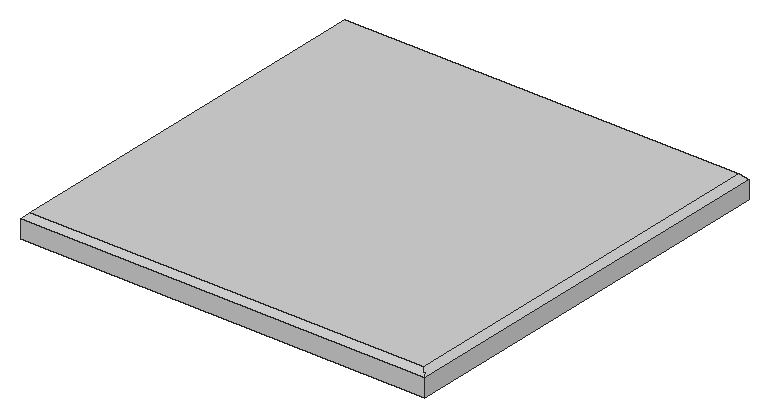
Revit family "24 X 24 SQUARE", category Specialty Equipment, Revit 2023
Family settings
  Round Connector Dimension = Use Diameter
  Part Type = Normal
  OmniClass Number = 23.35.00.00
  OmniClass Title = Covering, Cladding, and Finishes
  Work Plane-Based = Yes
  Enable Cutting in Views = Yes
  Always vertical = No
  Cut with Voids When Loaded = No
  Maintain Annotation Orientation = No
  Shared = No
  Room Calculation Point = No
Parameters (values of type "1-3/8 inch thick Primed White")
  URL = "https://www.acousticalsurfaces.com/envirocoustic-wood-wool/shapes/"
  Type Comments = "Acoustic Panels"
  Thickness = 0' - 1 3/8"
  Recycled Content Percentage = "0%"
  Model = "Envirocoustic Wood Wool"
  Material = "Envirocoustic Wood Wool"
  Manufacturer = "Acoustical Surfaces, Inc."
  Fire Rating = "ASTM E84 - Class A"
  Finish = Paint - Acoustical-Surfaces - Primed White
  Description = "Acoustic Panels"
  Default Elevation = 0' - 0"
  Assembly Code = "C30"
  Acoustics - NRC = "Sound absorption varies from NRC 0.45 to 0.95 based on installation method used when tested per ASTM C423."
Types (9): name | Thickness | Finish
  1-3/8 inch thick Primed White | 0' - 1 3/8" | Paint - Acoustical-Surfaces - Primed White
  1-3/8 inch thick Primed Clear | 0' - 1 3/8" | Paint - Acoustical-Surfaces - Primed Clear
  1-3/8 inch thick Custom Painted | 0' - 1 3/8" | Paint - Acoustical-Surfaces - Custom Painted
  2 inch thick Primed White | 0' - 2" | Paint - Acoustical-Surfaces - Primed White
  2 inch thick Primed Clear | 0' - 2" | Paint - Acoustical-Surfaces - Primed Clear
  2 inch thick Custom Painted | 0' - 2" | Paint - Acoustical-Surfaces - Custom Painted
  1 inch thick Primed White | 0' - 1" | Paint - Acoustical-Surfaces - Primed White
  1 inch thick Primed Clear | 0' - 1" | Paint - Acoustical-Surfaces - Primed Clear
  1 inch thick Custom Painted | 0' - 1" | Paint - Acoustical-Surfaces - Custom Painted
Reference planes (in)
  plane 1 "Center (Front/Back)": y = 0
  plane 2: z = 0
  plane 3 "Center (Left/Right)": x = 0
  plane 4: x = -12
  plane 5: x = 12
  plane 6: y = 12
  plane 7: y = -12
  plane 8: z = 1.375
  plane 9: z = -1
Forms (in)
  Extrusion 1, solid, material "Paint - Acoustical-Surfaces - Primed White" <- "Finish"
    sketch origin (0, 0, 0) x (1, 0, 0) y (0, 1, 0)
      loop
        line (12, 12) -> (-12, 12) -> (-12, -12) -> (12, -12) -> (12, 12)
    from 0 to 1.375
  Sweep 2, void
    path in 3D
      loop
        line (12, 12, 1.375) -> (-12, 12, 1.375) -> (-12, -12, 1.375) -> (12, -12, 1.375) -> (12, 12, 1.375)
    profile "Triangle : Family2" origin (12, 0, 1.375) x (-1, 0, 0) y (0, 0, 1)
      loop
        line (0, 0) -> (0, -0.315) -> (0.315, 0) -> (0, 0)
Cuts and joins
  Sweep 2 cuts Extrusion 1
Lines and regions (in)
  sketch lines
    curve 1: line (12, -12, 1.375) -> (12, 12, 1.375)
    curve 2: line (-12, -12, 1.375) -> (12, -12, 1.375)
    curve 3: line (-12, 12, 1.375) -> (-12, -12, 1.375)
    curve 4: line (12, 12, 1.375) -> (-12, 12, 1.375)
Dimensions and locks (in)
  equal spacing: plane 4, plane 3 "Center (Left/Right)", plane 5
  equal spacing: plane 7, plane 1 "Center (Front/Back)", plane 6
  plane 7 to plane 6 = 2' - 0"
  plane 4 to plane 5 = 2' - 0"
  "Thickness": plane 8 to level
  level to plane 9 = 0' - 1"
  aligned and locked: level to plane 2
  aligned and locked: Extrusion 1 sketch curve to plane 4
  aligned and locked: plane 5 to Extrusion 1 sketch curve
  aligned and locked: Extrusion 1 sketch curve to plane 6
  aligned and locked: Extrusion 1 sketch curve to plane 7
  aligned and locked: Extrusion 1 to plane 8
